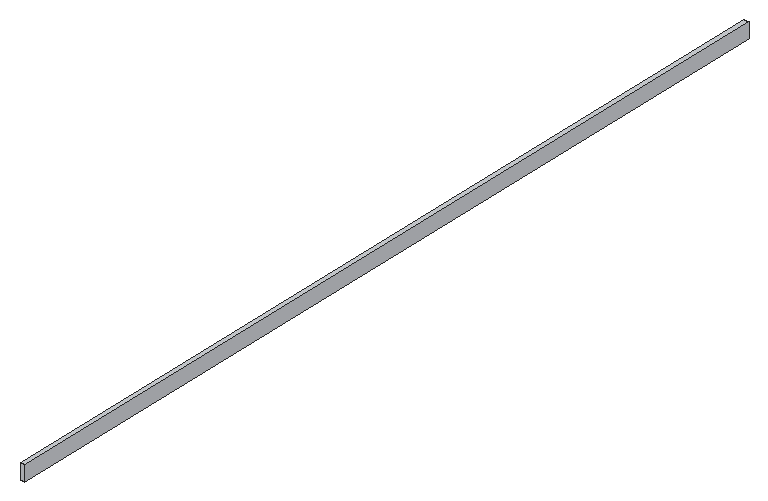
Revit family "Base Tiles Pega", category Generic Models, host Face, Revit 2027
Family settings
  Host = Face
  Can host rebar = No
  Round Connector Dimension = Use Diameter
  Part Type = Normal
  Cut with Voids When Loaded = No
  Maintain Annotation Orientation = No
  Shared = No
  Room Calculation Point = No
Parameters
  Width = 3 mm
  Thickness = 10 mm
  Mat = none
  Lenght [instance] = 600 mm
  Default Elevation = 1219.2 mm
  Cut [instance] = no
Reference planes
  plane 1 "Center (Front/Back)": y = 0
  plane 2: z = 0
  plane 3 "Center (Left/Right)": x = 0
  plane 4: y = 600
  plane 5: x = 3
  plane 6: z = 10
  plane 7: y = 600
Forms (mm)
  Extrusion 1, solid, material <- "Mat"
    sketch origin (0, 0, 0) x (1, 0, 0) y (0, 1, 0)
      loop
        line (0, 600) -> (0, 0) -> (3, 0) -> (3, 600) -> (0, 600)
    from 0 to 10
Dimensions and locks
  "Width": plane 3 "Center (Left/Right)" to plane 5
  "Lenght": plane 4 to plane 1 "Center (Front/Back)"
  "Thickness": plane 6 to plane 2
  aligned and locked: plane 2 to host face
  aligned and locked: level to host face
  aligned and locked: Extrusion 1 sketch curve to plane 4
  aligned and locked: plane 3 "Center (Left/Right)" to Extrusion 1 sketch curve
  aligned and locked: Extrusion 1 sketch curve to plane 1 "Center (Front/Back)"
  aligned and locked: Extrusion 1 sketch curve to plane 5
  aligned and locked: Extrusion 1 to plane 2
  aligned and locked: plane 6 to Extrusion 1
Automatic sketch dimensions
  host sketch curve to host sketch curve = 2438.4 mm  (x2)
